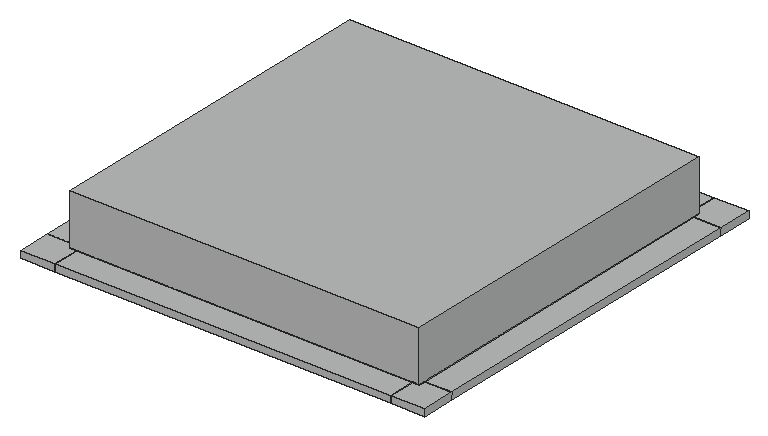
Revit family "ALUMOGIPS", category Осветительные приборы, Revit 2019 (continued)
Types (72, lengths in mm): name | Файл фотометрической сетки | built-in parameter 1150105 | Lumens | built-in parameter 1150106 | built-in parameter 1150142 | Wattage | Emit from Rectangle Width | Emit from Rectangle Length | Длина | Материал светильника | Ширина | ADSK_Ток | ADSK_Полная мощность | ADSK_Обозначение | ADSK_Номинальная мощность | ADSK_Наименование | ADSK_Масса | ADSK_Код изделия
    8 0.098 0.098 0.098 0.098 0.098 0.098 0.098 0.000 0.000 0.000 0.000 \r\n1417.637 1417.044 1413.295 1407.474 1398.890 1388.135 1374.815 1358.437 1340.184 1319.661 1296.869 1271.808 1244.971 1216.258 1185.673 1153.507 1120.158 1085.131 \r\n1048.823 1011.329 973.046 933.284 893.127 851.884 810.741 768.314 725.888 683.165 639.752 596.240 552.728 509.019 465.902 422.686 379.371 337.044 295.505 254.757 215.388 176.909 \r\n138.232 103.698 70.942 40.157 12.136 0.592 0.592 0.592 0.493 0.493 0.493 0.493 0.493 0.493 0.493 0.395 0.395 0.395 0.395 0.395 0.395 0.395 0.395 0.296 0.296 0.296 0.296 0.296 0.296 0.296 0.296 0.197 \r\n0.197 0.197 0.197 0.197 0.197 0.197 0.197 0.098 0.098 0.098 0.098 0.098 0.098 0.098 0.098 0.000 0.000 0.000 0.000 \r\n1417.637 1416.946 1413.197 1407.376 1398.693 1387.839 1374.520 1358.042 1339.789 1319.168 1296.376 1271.315 1244.477 1215.765 1185.179 1152.915 1119.566 1084.539 \r\n1048.230 1010.638 972.356 932.594 892.436 851.194 810.050 767.623 725.197 682.474 639.160 595.649 552.038 508.427 465.310 422.094 378.878 336.550 295.111 254.362 214.895 176.514 \r\n137.935 103.403 70.744 39.960 11.939 0.592 0.592 0.592 0.493 0.493 0.493 0.493 0.493 0.493 0.493 0.395 0.395 0.395 0.395 0.395 0.395 0.395 0.395 0.296 0.296 0.296 0.296 0.296 0.296 0.296 0.296 0.197 \r\n0.197 0.197 0.197 0.197 0.197 0.197 0.197 0.098 0.098 0.098 0.098 0.098 0.098 0.098 0.098 0.000 0.000 0.000 0.000 \r\n1417.637 1416.946 1413.098 1407.178 1398.495 1387.544 1374.223 1357.747 1339.395 1318.773 1295.882 1270.822 1243.886 1215.174 1184.587 1152.323 1118.974 1083.848 \r\n1047.540 1009.947 971.665 931.903 891.746 850.503 809.359 766.933 724.507 681.784 638.470 594.958 551.445 507.836 464.718 421.502 378.287 336.057 294.617 253.967 214.500 176.119 \r\n137.640 103.106 70.447 39.762 11.741 0.592 0.592 0.592 0.493 0.493 0.493 0.493 0.493 0.493 0.493 0.395 0.395 0.395 0.395 0.395 0.395 0.395 0.395 0.296 0.296 0.296 0.296 0.296 0.296 0.296 0.296 0.197 \r\n0.197 0.197 0.197 0.197 0.197 0.197 0.197 0.098 0.098 0.098 0.098 0.098 0.098 0.098 0.098 0.000 0.000 0.000 0.000 \r\n1417.637 1416.848 1412.999 1407.079 1398.298 1387.247 1373.829 1357.352 1339.000 1318.378 1295.488 1270.327 1243.392 1214.680 1183.995 1151.731 1118.283 1083.257 \r\n1046.849 1009.257 970.975 931.113 891.055 849.813 808.668 766.242 723.914 681.093 637.779 594.266 550.755 507.145 464.126 421.009 377.793 335.564 294.222 253.474 214.105 175.823 \r\n137.343 102.810 70.250 39.467 11.445 0.592 0.592 0.592 0.493 0.493 0.493 0.493 0.493 0.493 0.493 0.395 0.395 0.395 0.395 0.395 0.395 0.395 0.395 0.296 0.296 0.296 0.296 0.296 0.296 0.296 0.296 0.197 \r\n0.197 0.197 0.197 0.197 0.197 0.197 0.197 0.098 0.098 0.098 0.098 0.098 0.098 0.098 0.098 0.000 0.000 0.000 0.000 \r\n1417.637 1416.848 1412.901 1406.882 1398.002 1387.051 1373.533 1356.957 1338.605 1317.983 1294.994 1269.834 1242.899 1214.089 1183.403 1151.041 1117.692 1082.665 \r\n1046.257 1008.566 970.284 930.423 890.266 849.121 807.978 765.552 723.224 680.403 637.187 593.675 550.163 506.553 463.534 420.416 377.300 335.071 293.729 253.079 213.712 175.429 \r\n136.949 102.515 69.954 39.269 11.248 0.592 0.592 0.592 0.493 0.493 0.493 0.493 0.493 0.493 0.493 0.395 0.395 0.395 0.395 0.395 0.395 0.395 0.395 0.296 0.296 0.296 0.296 0.296 0.296 0.296 0.296 0.197 \r\n0.197 0.197 0.197 0.197 0.197 0.197 0.197 0.098 0.098 0.098 0.098 0.098 0.098 0.098 0.098 0.000 0.000 0.000 0.000 \r\n1417.637 1416.749 1412.802 1406.684 1397.805 1386.754 1373.237 1356.661 1338.210 1317.589 1294.599 1269.341 1242.406 1213.496 1182.811 1150.448 1117.099 1081.974 \r\n1045.566 1007.974 969.593 929.732 889.575 848.333 807.287 764.861 722.533 679.712 636.496 592.985 549.472 505.960 462.942 419.825 376.707 334.577 293.236 252.684 213.317 175.034 \r\n136.652 102.218 69.659 39.072 11.051 0.592 0.592 0.592 0.493 0.493 0.493 0.493 0.493 0.493 0.493 0.395 0.395 0.395 0.395 0.395 0.395 0.395 0.395 0.296 0.296 0.296 0.296 0.296 0.296 0.296 0.296 0.197 \r\n0.197 0.197 0.197 0.197 0.197 0.197 0.197 0.098 0.098 0.098 0.098 0.098 0.098 0.098 0.098 0.000 0.000 0.000 0.000 \r\n1417.637 1416.749 1412.704 1406.586 1397.607 1386.458 1372.941 1356.266 1337.815 1317.095 1294.106 1268.848 1241.813 1213.003 1182.219 1149.856 1116.409 1081.382 \r\n1044.876 1007.283 968.902 929.042 888.885 847.642 806.597 764.170 721.843 679.120 635.806 592.293 548.881 505.368 462.351 419.332 376.214 334.084 292.841 252.191 212.922 174.738 \r\n136.357 101.922 69.461 38.776 10.853 0.592 0.592 0.592 0.493 0.493 0.493 0.493 0.493 0.493 0.493 0.395 0.395 0.395 0.395 0.395 0.395 0.395 0.395 0.296 0.296 0.296 0.296 0.296 0.296 0.296 0.296 0.197 \r\n0.197 0.197 0.197 0.197 0.197 0.197 0.197 0.098 0.098 0.098 0.098 0.098 0.098 0.098 0.098 0.000 0.000 0.000 0.000 \r\n1417.637 1416.650 1412.604 1406.389 1397.311 1386.162 1372.546 1355.871 1337.421 1316.701 1293.613 1268.355 1241.320 1212.411 1181.627 1149.265 1115.816 1080.691 \r\n1044.284 1006.593 968.212 928.351 888.194 846.951 805.906 763.479 721.151 678.429 635.213 591.702 548.190 504.777 461.758 418.740 375.721 333.591 292.348 251.796 212.527 174.343 \r\n135.962 101.627 69.165 38.579 10.557 0.592 0.592 0.592 0.493 0.493 0.493 0.493 0.493 0.493 0.493 0.395 0.395 0.395 0.395 0.395 0.395 0.395 0.395 0.296 0.296 0.296 0.296 0.296 0.296 0.296 0.296 0.197 \r\n0.197 0.197 0.197 0.197 0.197 0.197 0.197 0.098 0.098 0.098 0.098 0.098 0.098 0.098 0.098 0.000 0.000 0.000 0.000 \r\n1417.637 1416.650 1412.506 1406.191 1397.114 1385.866 1372.250 1355.576 1337.027 1316.307 1293.218 1267.861 1240.827 1211.918 1181.035 1148.672 1115.225 1080.099 \r\n1043.593 1005.902 967.620 927.660 887.503 846.260 805.215 762.789 720.461 677.739 634.523 591.011 547.598 504.086 461.166 418.247 375.129 333.098 291.855 251.401 212.132 173.948 \r\n135.666 101.429 68.968 38.381 10.360 0.592 0.592 0.592 0.493 0.493 0.493 0.493 0.493 0.493 0.493 0.493 0.395 0.395 0.395 0.395 0.395 0.395 0.395 0.296 0.296 0.296 0.296 0.296 0.296 0.296 0.296 0.197 \r\n0.197 0.197 0.197 0.197 0.197 0.197 0.197 0.098 0.098 0.098 0.098 0.098 0.098 0.098 0.098 0.000 0.000 0.000 0.000 \r\n1417.637 1416.650 1412.407 1406.093 1396.917 1385.669 1371.954 1355.181 1336.632 1315.912 1292.725 1267.368 1240.334 1211.325 1180.443 1147.982 1114.633 1079.409 \r\n1042.903 1005.212 966.929 926.969 886.812 845.569 804.524 762.098 719.770 677.048 633.832 590.320 546.907 503.494 460.574 417.654 374.636 332.603 291.460 250.908 211.738 173.653 \r\n135.371 101.133 68.671 38.086 10.163 0.592 0.592 0.592 0.493 0.493 0.493 0.493 0.493 0.493 0.493 0.493 0.395 0.395 0.395 0.395 0.395 0.395 0.395 0.296 0.296 0.296 0.296 0.296 0.296 0.296 0.296 0.197 \r\n0.197 0.197 0.197 0.197 0.197 0.197 0.197 0.098 0.098 0.098 0.098 0.098 0.098 0.098 0.098 0.000 0.000 0.000 0.000 \r\n1417.637 1416.551 1412.309 1405.895 1396.621 1385.373 1371.559 1354.786 1336.237 1315.419 1292.232 1266.875 1239.742 1210.733 1179.851 1147.390 1113.942 1078.816 \r\n1042.310 1004.521 966.238 926.279 886.121 844.879 803.834 761.408 719.080 676.357 633.240 589.728 546.315 502.902 459.982 417.062 374.043 332.110 290.967 250.513 211.343 173.258 \r\n135.074 100.837 68.376 37.888 9.965 0.592 0.592 0.592 0.493 0.493 0.493 0.493 0.493 0.493 0.493 0.493 0.395 0.395 0.395 0.395 0.395 0.395 0.395 0.296 0.296 0.296 0.296 0.296 0.296 0.296 0.296 0.197 \r\n0.197 0.197 0.197 0.197 0.197 0.197 0.197 0.098 0.098 0.098 0.098 0.098 0.098 0.098 0.098 0.000 0.000 0.000 0.000 \r\n1417.637 1416.551 1412.111 1405.796 1396.423 1385.077 1371.264 1354.391 1335.842 1315.024 1291.837 1266.382 1239.248 1210.240 1179.259 1146.798 1113.350 1078.126 \r\n1041.620 1003.831 965.548 925.588 885.431 844.090 803.143 760.717 718.389 675.666 632.549 589.038 545.723 502.310 459.390 416.569 373.550 331.617 290.474 250.119 210.948 172.863 \r\n134.679 100.541 68.178 37.591 9.669 0.592 0.592 0.592 0.493 0.493 0.493 0.493 0.493 0.493 0.493 0.493 0.395 0.395 0.395 0.395 0.395 0.395 0.395 0.296 0.296 0.296 0.296 0.296 0.296 0.296 0.296 0.197 \r\n0.197 0.197 0.197 0.197 0.197 0.197 0.197 0.098 0.098 0.098 0.098 0.098 0.098 0.098 0.098 0.000 0.000 0.000 0.000 \r\n1417.637 1416.453 1412.013 1405.600 1396.226 1384.781 1370.968 1354.095 1335.448 1314.629 1291.344 1265.888 1238.754 1209.648 1178.667 1146.206 1112.758 1077.534 \r\n1040.929 1003.140 964.857 924.898 884.740 843.400 802.453 760.026 717.698 674.976 631.859 588.446 545.032 501.718 458.798 415.977 373.057 331.124 290.079 249.625 210.553 172.567 \r\n134.383 100.245 67.883 37.394 9.472 0.592 0.592 0.592 0.493 0.493 0.493 0.493 0.493 0.493 0.493 0.493 0.395 0.395 0.395 0.395 0.395 0.395 0.395 0.296 0.296 0.296 0.296 0.296 0.296 0.296 0.296 0.197 \r\n0.197 0.197 0.197 0.197 0.197 0.197 0.197 0.098 0.098 0.098 0.098 0.098 0.098 0.098 0.098 0.000 0.000 0.000 0.000 \r\n1417.637 1416.453 1411.914 1405.402 1395.930 1384.583 1370.671 1353.701 1335.053 1314.234 1290.850 1265.395 1238.261 1209.155 1178.075 1145.515 1112.067 1076.844 \r\n1040.239 1002.548 964.167 924.207 883.951 842.708 801.762 759.336 717.008 674.383 631.267 587.755 544.441 501.126 458.206 415.385 372.465 330.631 289.585 249.231 210.160 172.172 \r\n134.088 99.949 67.685 37.198 9.275 0.592 0.592 0.592 0.493 0.493 0.493 0.493 0.493 0.493 0.493 0.493 0.395 0.395 0.395 0.395 0.395 0.395 0.395 0.296 0.296 0.296 0.296 0.296 0.296 0.296 0.296 0.197 \r\n0.197 0.197 0.197 0.197 0.197 0.197 0.197 0.098 0.098 0.098 0.098 0.098 0.098 0.098 0.098 0.000 0.000 0.000 0.000 \r\n1417.637 1416.354 1411.816 1405.303 1395.733 1384.288 1370.276 1353.307 1334.658 1313.741 1290.456 1264.901 1237.669 1208.563 1177.582 1144.923 1111.476 1076.252 \r\n1039.646 1001.857 963.476 923.417 883.260 842.018 801.072 758.644 716.317 673.693 630.576 587.064 543.749 500.435 457.614 414.891 371.972 330.137 289.191 248.836 209.765 171.778 \r\n133.693 99.653 67.389 36.901 9.077 0.592 0.592 0.592 0.493 0.493 0.493 0.493 0.493 0.493 0.493 0.493 0.395 0.395 0.395 0.395 0.395 0.395 0.395 0.296 0.296 0.296 0.296 0.296 0.296 0.296 0.296 0.197 \r\n0.197 0.197 0.197 0.197 0.197 0.197 0.197 0.098 0.098 0.098 0.098 0.098 0.098 0.098 0.098 0.000 0.000 0.000 0.000 \r\n" | 25.582 W | 275 | 1175 | 1195 | RAL 9006 | 295 | 0.179584 A | 41.3043 VA | "Alumogips-38/opal-sand 295х1195 (IP54, 4000К, серый)" | 38 W | "Встраиваемый светодиодный светильник Alumogips-38/opal-sand 295х1195 (IP54, 4000К, серый) c БАП на 3 час" | 2.5 | "ЦБ000008016"
